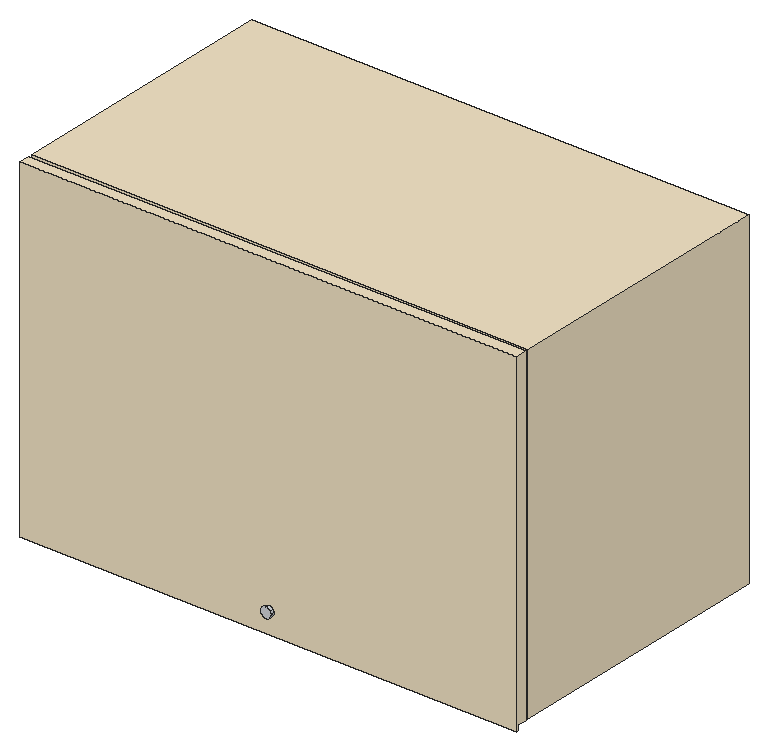
Revit family "M_Sistema de mobiliário-armazenamento-armário suspenso-rebatível", category Sistema de mobiliário, Revit 2019
Family settings
  Cota do conector redondo = Utilizar diâmetro
  Tipo de parte = Normal
  Número OmniClass = 23.40.70.14.64.21
  Título OmniClass = Systems Furniture
  Com base no plano de trabalho = Não
  Sempre na vertical = Sim
  Corte com vazios quando carregada = Não
  Compartilhado = Não
  Ponto de cálculo do ambiente = Não
Parameters (values of type "600 x 350 x 400mm")
  Largura = 600 mm
  Comentários de tipos = "Armário suspenso de porta rebatível de 600 x 350 x 400 mm"
  Model = ""
  Manufacturer = ""
  Altura = 400 mm
  Material da porta [instance] = Metal – Pintado – Bege
  Description = ""
  Linear = 350 mm
  Material do armário [instance] = Metal – Pintado – Bege
Reference planes
  plane 1 "Centro (Frente/Trás)": y = 330.2
  plane 2: z = 0
  plane 3 "Centro (Esquerda/Direita)": x = 0
  plane 4 "Esquerda": x = -300
  plane 5 "Direita": x = 300
  plane 6 "Parte frontal": y = -19.8
  plane 7: y = -3.138
  plane 8 "Superior": z = 400
  plane 9: z = -6.35
  plane 10: y = -6.313
Forms (mm)
  Extrusion 1, solid, material "Metal – Pintado – Bege" <- "Material do armário"
    sketch origin (0, 558.8, 0) x (1, 0, 0) y (0, 1, 0)
      loop
        line (-300, -228.6) -> (-300, -561.938) -> (300, -561.938) -> (300, -228.6) -> (-300, -228.6)
    from 0 to 400
  Extrusion 2, solid, material "Metal – Pintado – Bege" <- "Material da porta", detail levels medium+fine
    sketch origin (0, 0, 0) x (0, 1, 0) y (0, 0, 1)
      loop
        line (-6.313, 0) -> (-6.313, 400) -> (-19.8, 400) -> (-19.8, -6.35) -> (-18.276, -6.35) -> (-18.276, 0) -> (-6.313, 0)
    from -300 to 300
  Extrusion 3, solid, material "Metal – Pintado – Bege" <- "Material da porta", detail levels coarse
    sketch origin (0, 330.2, 0) x (1, 0, 0) y (0, 0, 1)
      loop
        line (-300, -6.35) -> (300, -6.35) -> (300, 400) -> (-300, 400) -> (-300, -6.35)
    from 336.513 to 350
  Extrusion 4, solid, detail levels fine
    sketch origin (0, -19.8, 0) x (-1, 0, 0) y (0, 0, 1)
      loop
        circle (0, 19.05) r 6.35
    from -3.555 to 0
Lines and regions (mm)
  Masking region 1
    outline origin (0, 558.8, 0) x (1, 0, 0) y (0, 1, 0)
      loop
        line (-300, -228.6) -> (-300, -578.6) -> (300, -578.6) -> (300, -228.6) -> (-300, -228.6)
  symbolic lines, style "Armazenamento"
    curve 1: line (-300, -3.138, 0) -> (300, -3.138, 0)
    curve 4: line (-300, -3.138, 0) -> (300, 330.2, 0)
  symbolic lines, style "FurnitureSystemsHiddenLines"
    curve 2: line (0, -19.8, 0) -> (-300, -19.8, 400)
    curve 3: line (0, -19.8, 0) -> (300, -19.8, 400)
Dimensions and locks
  "Largura": plane 4 "Esquerda" to plane 5 "Direita"
  "Linear": plane 6 "Parte frontal" to plane 1 "Centro (Frente/Trás)"
  equal spacing: plane 4 "Esquerda", plane 3 "Centro (Esquerda/Direita)", plane 5 "Direita"
  locked: plane 7 to plane 6 "Parte frontal" at 16.662
  locked: plane 6 "Parte frontal" to Extrusion 2 sketch curve at 1.524
  "Altura": plane 8 "Superior" to plane 2
  locked: plane 10 to plane 7 at 3.175
  plane 9 to Extrusion 3 sketch curve = 0 mm
  locked: plane 2 to plane 9 at 6.35
  locked: Extrusion 4 sketch curve to plane 9 at 25.4
  locked: plane 6 "Parte frontal" to Extrusion 4 at 3.555
  aligned and locked: plane 1 "Centro (Frente/Trás)" to Extrusion 1 sketch curve
  aligned and locked: Extrusion 1 sketch curve to plane 5 "Direita"
  aligned and locked: plane 4 "Esquerda" to Extrusion 1 sketch curve
  aligned and locked: plane 7 to Extrusion 1 sketch curve
  aligned: Extrusion 1 to plane 9
  aligned and locked: Extrusion 2 sketch curve to plane 6 "Parte frontal"
  aligned and locked: Extrusion 2 to plane 4 "Esquerda"
  aligned and locked: plane 5 "Direita" to Extrusion 2
  aligned and locked: level to plane 2
  aligned and locked: plane 5 "Direita" to curve 1
  aligned and locked: curve 1 to plane 7
  aligned and locked: Extrusion 2 sketch curve to plane 10
  aligned and locked: plane 1 "Centro (Frente/Trás)" to Masking region 1 sketch curve
  aligned and locked: Masking region 1 sketch curve to plane 5 "Direita"
  aligned and locked: plane 6 "Parte frontal" to Masking region 1 sketch curve
  aligned and locked: plane 4 "Esquerda" to Masking region 1 sketch curve
  aligned and locked: plane 4 "Esquerda" to Extrusion 3 sketch curve
  aligned and locked: Extrusion 3 sketch curve to plane 5 "Direita"
  aligned: plane 10 to Extrusion 3
  aligned: Extrusion 3 to plane 6 "Parte frontal"
  aligned and locked: Extrusion 1 to plane 2
  aligned and locked: plane 8 "Superior" to Extrusion 1
  aligned and locked: plane 8 "Superior" to Extrusion 3 sketch curve
  aligned and locked: Extrusion 2 sketch curve to plane 8 "Superior"
  aligned and locked: Extrusion 2 sketch curve to plane 9
  aligned and locked: Extrusion 2 sketch curve to level
  aligned and locked: Extrusion 3 to plane 9
  aligned and locked: plane 3 "Centro (Esquerda/Direita)" to Extrusion 4 sketch curve
  aligned and locked: plane 6 "Parte frontal" to Extrusion 4
  aligned and locked: Extrusion 3 to plane 6 "Parte frontal"
  aligned and locked: plane 10 to Extrusion 3
  aligned and locked: plane 1 "Centro (Frente/Trás)" to curve 4
  aligned and locked: plane 5 "Direita" to curve 4
  aligned and locked: plane 4 "Esquerda" to curve 4
Automatic sketch dimensions
  curve 3 to plane 5 "Direita" = 0 mm
  curve 3 to plane 3 "Centro (Esquerda/Direita)" = 0 mm
  curve 2 to level = 0 mm
  curve 2 to plane 4 "Esquerda" = 0 mm
  curve 3 to plane 8 "Superior" = 0 mm
  curve 2 to plane 8 "Superior" = 0 mm
  radius of Extrusion 4 sketch curve = 6.35 mm
Types in the file's own list only (5): name | Largura | Comentários de tipos
  750 x 350 x 400mm | 750 mm | "Armário suspenso de porta rebatível de 750 x 350 x 400 mm"
  900 x 350 x 400mm | 900 mm | "Armário suspenso de porta rebatível de 900 x 350 x 400 mm"
  1050 x 350 x 400mm | 1050 mm | "Armário suspenso de porta rebatível de 1050 x 350 x 400 mm"
  1200 x 350 x 400mm | 1200 mm | "Armário suspenso de porta rebatível de 1200 x 350 x 400 mm"
  1500 x 350 x 400mm | 1500 mm | "Armário suspenso de porta rebatível de 1500 x 350 x 400 mm"
